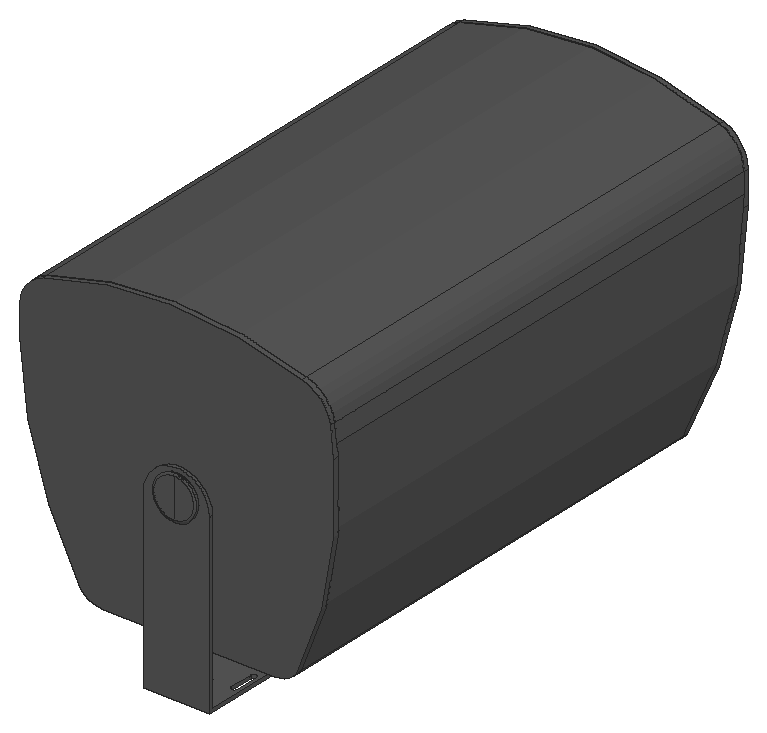
Revit family "Electronics_Desono_Biamp_Two-Way-High-Coaxial-Surface-Mount-Loudspeaker_EX-S10SUB", category Communication Devices, host Face, Revit 2020 (continued)
Definition of nested family "EX-S10"
  Lines and regions (in)
    Masking region 3
      outline origin (0, 5.8598, 5.02087) x (0, -1, 0) y (0, 0, -1)
        loop
          arc (1.62462, 4.70751) -> (0, 0) -> (-0.23469, -4.97443) r 17.52238
          arc (-0.23469, -4.97443) -> (0.08316, -5.77175) -> (0.7799, -6.27304) r 1.53223
          arc (0.7799, -6.27304) -> (5.8598, -7.14449) -> (10.9397, -6.27304) r 15.24182
          arc (10.9397, -6.27304) -> (11.63645, -5.77175) -> (11.95429, -4.97443) r 1.53223
          arc (11.95429, -4.97443) -> (11.7196, 0) -> (10.09498, 4.70751) r 17.52238
          arc (10.09498, 4.70751) -> (9.70246, 5.02536) -> (9.21034, 5.13898) r 1.12262
          line (9.21034, 5.13898) -> (2.50926, 5.13898)
          arc (2.50926, 5.13898) -> (2.01714, 5.02536) -> (1.62462, 4.70751) r 1.12262
    reference lines
      curve 1: line (0, 5.8598, 5.02087) -> (0, -5.8598, 5.02087)
      curve 2: line (-3.54331, 0, 5.02087) -> (5.70866, 0, 5.02087)
  Dimensions and locks (in)
    "Offset": curve 1 to plane 2
    Extrusion 5 sketch curve to Extrusion 5 sketch curve = 1' - 2.37008"  (x2)
    Extrusion 5 sketch curve to Extrusion 5 sketch curve = 1' - 1.54563"  (x2)
    curve 2 to Extrusion 5 sketch curve = 0' - 5.81298"  (x2)
    aligned and locked: level to plane 2
  Automatic sketch dimensions
    Masking region 1 sketch curve to plane 3 "Center (Left/Right)" = 0' - 10.41732"
    plane 3 "Center (Left/Right)" to Masking region 1 sketch curve = 0' - 10.41732"
    plane 1 "Center (Front/Back)" to Masking region 1 sketch curve = 0' - 6.09449"
    Masking region 1 sketch curve to plane 1 "Center (Front/Back)" = 0' - 6.09449"
    Extrusion 5 sketch curve to plane 3 "Center (Left/Right)" = 0' - 11.05288"
    Extrusion 5 sketch curve to Extrusion 5 sketch curve = 0' - 0.82445"  (x2)
    Extrusion 5 sketch curve to Extrusion 5 sketch curve = 0' - 1.77165"
    plane 3 "Center (Left/Right)" to Extrusion 5 sketch curve = 0' - 9.28122"
    plane 3 "Center (Left/Right)" to Extrusion 5 sketch curve = 0' - 10.22843"
    curve 1 to Extrusion 1 sketch curve = 0' - 3.3046"  (x2)
    Extrusion 1 sketch curve to curve 1 = 0' - 5.48835"
    curve 1 to Extrusion 1 sketch curve = 0' - 1.29057"
    curve 1 to Extrusion 1 sketch curve = 0' - 2.50926"
    Extrusion 1 sketch curve to Extrusion 1 sketch curve = 0' - 3.35054"
    Extrusion 1 sketch curve to curve 1 = 0' - 2.50926"
    Extrusion 1 sketch curve to curve 1 = 0' - 1.29057"
    curve 1 to Extrusion 1 sketch curve = 0' - 5.48835"
    Extrusion 1 sketch curve to curve 1 = 0' - 4.82841"  (x2)
    curve 1 to Extrusion 1 sketch curve = 0' - 4.01635"  (x2)
    Extrusion 1 sketch curve to Extrusion 1 sketch curve = 0' - 1.12262"
    Extrusion 1 sketch curve to Extrusion 1 sketch curve = 0' - 2.95835"
    Extrusion 1 sketch curve to curve 1 = 0' - 0.23469"
    Extrusion 1 sketch curve to Extrusion 1 sketch curve = 0' - 0"  (x3)
    Extrusion 1 sketch curve to Extrusion 1 sketch curve = 0' - 0.88464"
    Extrusion 4 sketch curve to Extrusion 4 sketch curve = 0' - 0"  (x16)
    Extrusion 4 sketch curve to curve 1 = 0' - 5.48835"
    Extrusion 4 sketch curve to curve 1 = 0' - 0.29072"
    curve 1 to Extrusion 4 sketch curve = 0' - 0.30066"
    Extrusion 4 sketch curve to Extrusion 4 sketch curve = 0' - 0.98991"
    curve 1 to Extrusion 4 sketch curve = 0' - 5.8598"
    Extrusion 4 sketch curve to curve 1 = 0' - 1.29057"
    Extrusion 4 sketch curve to curve 1 = 0' - 0.30066"
    curve 1 to Extrusion 4 sketch curve = 0' - 0.29072"
    curve 1 to Extrusion 4 sketch curve = 0' - 3.3046"  (x2)
    Extrusion 4 sketch curve to Extrusion 4 sketch curve = 0' - 5.19763"
    Extrusion 4 sketch curve to curve 1 = 0' - 4.21592"  (x2)
    Extrusion 4 sketch curve to Extrusion 4 sketch curve = 0' - 0.6125"  (x2)
    curve 1 to Extrusion 4 sketch curve = 0' - 8.09733"
    Extrusion 3 sketch curve to Extrusion 3 sketch curve = 0' - 0"  (x7)
    Extrusion 3 sketch curve to curve 1 = 0' - 5.48835"
    Extrusion 3 sketch curve to curve 1 = 0' - 0.29072"
    curve 1 to Extrusion 3 sketch curve = 0' - 0.30066"
    Extrusion 3 sketch curve to Extrusion 3 sketch curve = 0' - 0.98991"
    curve 1 to Extrusion 3 sketch curve = 0' - 2.50926"
    Extrusion 3 sketch curve to Extrusion 3 sketch curve = 0' - 3.35054"
    Extrusion 3 sketch curve to curve 1 = 0' - 2.50926"
    Extrusion 3 sketch curve to curve 1 = 0' - 1.29057"
    Extrusion 3 sketch curve to curve 1 = 0' - 0.30066"
    curve 1 to Extrusion 3 sketch curve = 0' - 0.29072"
    curve 1 to Extrusion 3 sketch curve = 0' - 3.3046"  (x2)
    Extrusion 3 sketch curve to Extrusion 3 sketch curve = 0' - 5.19763"
    Extrusion 3 sketch curve to curve 1 = 0' - 4.21592"  (x2)
    Extrusion 3 sketch curve to Extrusion 3 sketch curve = 0' - 0.6125"  (x2)
    curve 1 to Extrusion 3 sketch curve = 0' - 4.01635"
    Extrusion 3 sketch curve to curve 1 = 0' - 4.01635"
    Extrusion 3 sketch curve to Extrusion 3 sketch curve = 0' - 1.12262"
    Extrusion 3 sketch curve to Extrusion 3 sketch curve = 0' - 2.95835"
    curve 1 to curve 2 = 0' - 5.8598"
    curve 1 to curve 2 = 0' - 3.54331"
    curve 2 to curve 1 = 0' - 5.70866"
    Extrusion 2 sketch curve to curve 1 = 0' - 1.37795"
    curve 1 to Extrusion 2 sketch curve = 0' - 4.48185"
    curve 1 to Extrusion 2 sketch curve = 0' - 1.37795"
    Extrusion 2 sketch curve to Extrusion 2 sketch curve = 0' - 2.75591"
    Extrusion 6 sketch curve to Extrusion 5 = 0' - 0.18172"
    Extrusion 6 sketch curve to Extrusion 5 = 0' - 4.43882"  (x2)
    Extrusion 6 sketch curve to Extrusion 6 sketch curve = 0' - 0.00063"  (x2)
    Extrusion 6 sketch curve to Extrusion 6 sketch curve = 0' - 0.00646"  (x2)
    Extrusion 6 sketch curve to Extrusion 5 = 0' - 3.97999"
    Extrusion 6 sketch curve to Extrusion 6 sketch curve = 0' - 1.21504"
    Extrusion 6 sketch curve to Extrusion 5 = 0' - 1.10835"  (x2)
    Extrusion 5 to Extrusion 6 sketch curve = 0' - 3.98175"
    Extrusion 6 sketch curve to Extrusion 6 sketch curve = 0' - 0.14489"  (x2)
    Extrusion 5 to Extrusion 6 sketch curve = 0' - 2.21793"
    Extrusion 6 sketch curve to Extrusion 6 sketch curve = 0' - 1.52852"
    Extrusion 6 sketch curve to Extrusion 6 sketch curve = 0' - 4.2353"  (x2)
    Extrusion 6 sketch curve to Extrusion 5 = 0' - 1.46774"  (x2)
    Extrusion 6 sketch curve to Extrusion 6 sketch curve = 0' - 0"  (x2)
    Extrusion 6 sketch curve to Extrusion 6 sketch curve = 0' - 0.00006"
    Extrusion 6 sketch curve to Extrusion 6 sketch curve = 0' - 1.4421"
    Extrusion 6 sketch curve to Extrusion 6 sketch curve = 0' - 0.52683"
    Extrusion 6 sketch curve to Extrusion 5 = 0' - 3.20962"
    Extrusion 6 sketch curve to Extrusion 6 sketch curve = 0' - 1.21503"
    Extrusion 6 sketch curve to Extrusion 6 sketch curve = 0' - 0.68894"
    Extrusion 6 sketch curve to Extrusion 6 sketch curve = 0' - 0.88514"
    Extrusion 6 sketch curve to Extrusion 5 = 0' - 0.67565"
    Extrusion 6 sketch curve to Extrusion 6 sketch curve = 0' - 0.87941"
    Extrusion 6 sketch curve to Extrusion 6 sketch curve = 0' - 1.12164"
    Extrusion 5 to Extrusion 7 sketch curve = 0' - 4.43882"  (x2)
    Extrusion 7 sketch curve to Extrusion 7 sketch curve = 0' - 0.00063"  (x2)
    Extrusion 7 sketch curve to Extrusion 5 = 0' - 3.20962"
    Extrusion 7 sketch curve to Extrusion 7 sketch curve = 0' - 0.00646"  (x2)
    Extrusion 5 to Extrusion 7 sketch curve = 0' - 3.97999"
    Extrusion 7 sketch curve to Extrusion 7 sketch curve = 0' - 1.21504"
    Extrusion 5 to Extrusion 7 sketch curve = 0' - 1.10835"  (x2)
    Extrusion 5 to Extrusion 7 sketch curve = 0' - 7.0161"
    Extrusion 7 sketch curve to Extrusion 7 sketch curve = 0' - 0.14489"  (x2)
    Extrusion 7 sketch curve to Extrusion 5 = 0' - 2.21793"
    Extrusion 7 sketch curve to Extrusion 7 sketch curve = 0' - 1.52852"
    Extrusion 7 sketch curve to Extrusion 7 sketch curve = 0' - 4.2353"
    Extrusion 5 to Extrusion 7 sketch curve = 0' - 1.46774"  (x2)
    Extrusion 7 sketch curve to Extrusion 7 sketch curve = 0' - 0"  (x2)
    Extrusion 7 sketch curve to Extrusion 7 sketch curve = 0' - 0.00006"
    Extrusion 7 sketch curve to Extrusion 7 sketch curve = 0' - 1.4421"
    Extrusion 7 sketch curve to Extrusion 7 sketch curve = 0' - 0.52683"
    Extrusion 7 sketch curve to Extrusion 5 = 0' - 0.18172"
    Extrusion 7 sketch curve to Extrusion 7 sketch curve = 0' - 1.21503"
    Extrusion 5 to Extrusion 7 sketch curve = 0' - 3.98175"
    Extrusion 7 sketch curve to Extrusion 7 sketch curve = 0' - 0.68894"
    Extrusion 7 sketch curve to Extrusion 7 sketch curve = 0' - 0.88514"
    Extrusion 5 to Extrusion 7 sketch curve = 0' - 0.67565"
    Extrusion 7 sketch curve to Extrusion 7 sketch curve = 0' - 0.87941"
    Extrusion 7 sketch curve to Extrusion 7 sketch curve = 0' - 1.12164"
    curve 1 to Masking region 3 sketch curve = 0' - 3.3046"  (x2)
    Masking region 3 sketch curve to curve 1 = 0' - 5.48835"
    curve 1 to Masking region 3 sketch curve = 0' - 1.29057"
    curve 1 to Masking region 3 sketch curve = 0' - 2.50926"
    Masking region 3 sketch curve to Masking region 3 sketch curve = 0' - 3.35054"
    Masking region 3 sketch curve to curve 1 = 0' - 2.50926"
    Masking region 3 sketch curve to curve 1 = 0' - 1.29057"
    curve 1 to Masking region 3 sketch curve = 0' - 5.48835"
    Masking region 3 sketch curve to curve 1 = 0' - 4.82841"  (x2)
    curve 1 to Masking region 3 sketch curve = 0' - 4.01635"  (x2)
    Masking region 3 sketch curve to Masking region 3 sketch curve = 0' - 1.12262"
    Masking region 3 sketch curve to Masking region 3 sketch curve = 0' - 2.95835"
    Masking region 3 sketch curve to Masking region 3 sketch curve = 0' - 1.52526"
    Masking region 3 sketch curve to Masking region 3 sketch curve = 0' - 0"  (x3)
    Masking region 3 sketch curve to Masking region 3 sketch curve = 0' - 0.88464"
    Masking region 2 sketch curve to curve 2 = 0' - 6.84036"
    Masking region 2 sketch curve to curve 2 = 0' - 5.98142"
    curve 2 to Masking region 2 sketch curve = 0' - 3.81606"
    curve 2 to Masking region 2 sketch curve = 0' - 4.67501"
    curve 2 to Masking region 2 sketch curve = 0' - 5.15271"
    curve 2 to Masking region 2 sketch curve = 0' - 7.13074"
    plane 1 "Center (Front/Back)" to curve 1 = 0' - 5.8598"
    curve 1 to plane 1 "Center (Front/Back)" = 0' - 5.8598"
Types (4): name | Offset speaker | Offset | Model | Housing Material | Grill Material | EXUB_PRT | EXUB | CMX-LG | Bracket Material | Angle note
  EX-S10SUB-CM W | 1' - 0.79528" | 0' - 2.48425" | "EX-S10SUB-CM W" | Biamp - Plastic - White | Biamp - Plastic - White(Grid) | no | no | yes | Biamp - Plastic - White | "This product has predetermined aiming increments of 8 degrees in the vertical plane and 12 degrees in the horizontal plane"
  EX-S10SUB-CM B | 1' - 0.79528" | 0' - 2.48425" | "EX-S10SUB-CM B" | Biamp - Plastic - Black | Biamp - Plastic - Black(Grid) | no | no | yes | Biamp - Plastic - Black | "This product has predetermined aiming increments of 8 degrees in the vertical plane and 12 degrees in the horizontal plane"
  EX-S10SUB-UB B | 0' - 4.90945" | 0' - 7.00394" | "EX-S10SUB-UB B" | Biamp - Plastic - Black | Biamp - Plastic - Black(Grid) | yes | yes | no | Biamp - Plastic - Black | "This product has predetermined angles in 10 degree increments"
  EX-S10SUB-UB W | 0' - 4.90945" | 0' - 7.00394" | "EX-S10SUB-UB W" | Biamp - Plastic - White | Biamp - Plastic - White(Grid) | yes | yes | no | Biamp - Plastic - White | "This product has predetermined angles in 10 degree increments"
